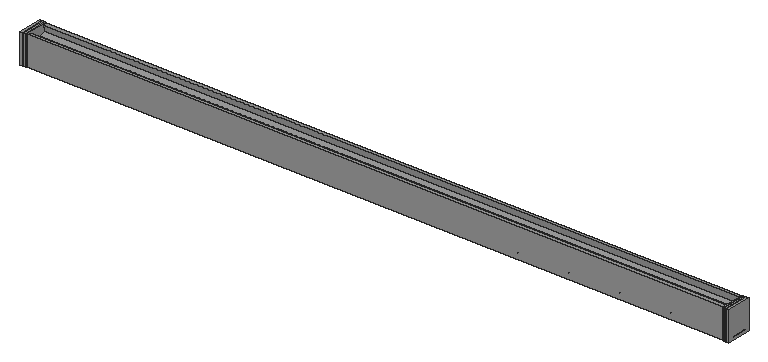
Revit family "Butterfly_Wall Mount", category Lighting Devices, host Wall, Revit 2017
Family settings
  Host = Wall
  Maintain Annotation Orientation = No
  Round Connector Dimension = Use Diameter
  Part Type = Normal
  Always vertical = Yes
  Cut with Voids When Loaded = No
  Shared = No
  Room Calculation Point = No
Parameters (values of type "8'")
  Length = 8' - 0"
Reference planes (in)
  plane 1: y = 0
  plane 2 "Center (Left/Right)": x = 0
  plane 3 "Wall Edge": y = 3
  plane 4 "Bracket Offset": y = 3.25
  plane 5 "LEFT FELT": x = 47.125
  plane 6 "RIGHT FELT": x = -47.125
  plane 7: z = 26.25
  plane 8 "RIGHT": x = -48
  plane 9 "LEFT EDGE": x = 48
Forms (in)
  Sweep 1, solid
    path origin (-73.99197, 3.25, 48) x (-1, 0, 0) y (0, 0, 1)
      loop
        line (-121.11697, -21.75) -> (-26.86697, -21.75)
    profile origin (0, 3.25, 26.25) x (0, 0, 1) y (0, 1, 0)
      loop
        line (4, 0.5045) -> (3.16842, 0.35787) -> (2.87403, 0.9892)
        arc (2.87403, 0.9892) -> (1.84917, 0.52191) -> (0.73423, 0.36184) r 3.96288
        arc (0.73423, 0.36184) -> (0.65814, 0.38767) -> (0.61349, 0.45448) r 0.125
        line (0.61349, 0.45448) -> (0.5745, 0.6) -> (0, 0.4375) -> (0, 0) -> (4, 0) -> (4, 0.5045)
      loop
        line (4, 2.7455) -> (4, 3.25) -> (0, 3.25) -> (0, 2.8125) -> (0.5745, 2.65) -> (0.61349, 2.79552)
        arc (0.61349, 2.79552) -> (0.65814, 2.86233) -> (0.73423, 2.88816) r 0.125
        arc (0.73423, 2.88816) -> (1.84917, 2.72809) -> (2.87403, 2.2608) r 3.96288
        line (2.87403, 2.2608) -> (3.16842, 2.89213) -> (4, 2.7455)
Lines and regions (in)
  symbolic lines
    curve 1: line (-48, 6.5, 0) -> (48, 6.5, 0)
    curve 2: line (-48, 3.25, 0) -> (-48, 6.5, 0)
    curve 3: line (48, 3.25, 0) -> (-48, 3.25, 0)
    curve 4: line (48, 6.5, 0) -> (48, 3.25, 0)
Text (in)
  text "Placement Side" at (0, 40.15149, 123.01588), in view "Right"
  text "Placement Side" at (-86.07246, 57.21472, 0), in view "Ref. Level"
  text "Placement Side" at (0, 81.62555, 140.59947), in view "Left"
Dimensions and locks (in)
  locked: plane 3 "Wall Edge" to host wall
  locked: plane 8 "RIGHT" to plane 6 "RIGHT FELT" at 0.875
  locked: plane 9 "LEFT EDGE" to plane 5 "LEFT FELT" at 0.875
  "Length": plane 9 "LEFT EDGE" to plane 8 "RIGHT"
  equal spacing: plane 9 "LEFT EDGE", plane 2 "Center (Left/Right)", plane 8 "RIGHT"
  locked: plane 4 "Bracket Offset" to host wall at 0.25
  aligned and locked: plane 7 to nested 1
  aligned and locked: plane 6 "RIGHT FELT" to Sweep 1 sketch curve
  aligned and locked: plane 5 "LEFT FELT" to Sweep 1 sketch curve
  aligned and locked: nested 1 to plane 4 "Bracket Offset"
  aligned and locked: plane 4 "Bracket Offset" to nested 2
  aligned and locked: curve 2 to plane 8 "RIGHT"
  aligned and locked: plane 9 "LEFT EDGE" to curve 4
  aligned and locked: plane 4 "Bracket Offset" to curve 3
Automatic sketch dimensions
  Sweep 1 sketch curve to plane 7 = 0' - 0"
  profile plane to Sweep 1 sketch curve = 0' - 0"  (x2)
  Sweep 1 sketch curve to plane 4 "Bracket Offset" = 0' - 0"
  Sweep 1 sketch curve to profile plane = 0' - 0.5745"  (x2)
  Sweep 1 sketch curve to Sweep 1 sketch curve = 0' - 0.03899"  (x2)
  Sweep 1 sketch curve to Sweep 1 sketch curve = 0' - 0.12074"  (x2)
  Sweep 1 sketch curve to Sweep 1 sketch curve = 0' - 2.1398"
  plane 4 "Bracket Offset" to Sweep 1 sketch curve = 0' - 0.9892"
  Sweep 1 sketch curve to Sweep 1 sketch curve = 0' - 0"
  plane 4 "Bracket Offset" to Sweep 1 sketch curve = 0' - 0.35787"
  Sweep 1 sketch curve to Sweep 1 sketch curve = 0' - 0.29439"  (x2)
  Sweep 1 sketch curve to Sweep 1 sketch curve = 0' - 0.83158"  (x2)
  Sweep 1 sketch curve to plane 4 "Bracket Offset" = 0' - 1.07472"
  plane 4 "Bracket Offset" to Sweep 1 sketch curve = 0' - 0 7/16"
  plane 4 "Bracket Offset" to Sweep 1 sketch curve = 0' - 0.45448"
  Sweep 1 sketch curve to Sweep 1 sketch curve = 0' - 0.03235"  (x2)
  plane 4 "Bracket Offset" to Sweep 1 sketch curve = 0' - 0.5045"
  Sweep 1 sketch curve to Sweep 1 sketch curve = 0' - 0.14552"
  Sweep 1 sketch curve to Sweep 1 sketch curve = 0' - 1.27161"
  Sweep 1 sketch curve to Sweep 1 sketch curve = 0' - 0.23816"
  Sweep 1 sketch curve to Sweep 1 sketch curve = 0' - 0.48469"
  Sweep 1 sketch curve to Sweep 1 sketch curve = 0' - 0 1/8"
  Sweep 1 sketch curve to Sweep 1 sketch curve = 0' - 0.1625"
  Sweep 1 sketch curve to Sweep 1 sketch curve = 0' - 0.63132"
  Sweep 1 sketch curve to Sweep 1 sketch curve = 0' - 0.5045"
  Sweep 1 sketch curve to Sweep 1 sketch curve = 0' - 1.07472"
  curve 2 to curve 2 = 0' - 3 1/4"
Nested families (in)
  nested 1: "Butterfly Endcap with Felt" at (-48, 4.875, 28.25) x (0, -1, 0) z (1, 0, 0), type "Butterfly Endcap with Felt"
  nested 2: "Butterfly Endcap with Felt" at (48, 4.875, 28.25) x (0, -1, 0) z (-1, 0, 0), type "Butterfly Endcap with Felt"
Definition of nested family "Butterfly Endcap with Felt"
  Parameters (values of type "Butterfly Endcap with Felt")
    Default Elevation = 4' - 0"
  Reference planes (in)
    plane 1 "Center (Front/Back)": y = 0
    plane 2: z = 0
    plane 3 "Center (Left/Right)": x = 0
  Forms (in)
    Extrusion 1, solid
      sketch origin (0, 0, 0) x (1, 0, 0) y (0, 1, 0)
        loop
          line (-1.625, 2) -> (-1.625, -2) -> (1.625, -2) -> (1.625, 2) -> (-1.625, 2)
      from 0 to 0.75
    Sweep 2, void
      path origin (0, 0, 0) x (1, 0, 0) y (0, 1, 0)
        loop
          line (-1.625, 2) -> (-1.625, -2) -> (1.625, -2) -> (1.625, 2) -> (-1.625, 2)
      profile origin (0, 2, 0) x (0, 1, 0) y (0, 0, 1)
        loop
          line (0, 0.4375) -> (-0.0625, 0.375) -> (0, 0.3125) -> (0, 0.4375)
    Extrusion 3, solid
      sketch origin (0, 0, 0) x (1, 0, 0) y (0, 1, 0)
        loop
          line (-1.625, 2) -> (-1.625, -2) -> (1.625, -2) -> (1.625, 2) -> (-1.625, 2)
      from 0.75 to 0.875
  Cuts and joins
    Sweep 2 cuts Extrusion 1
  Dimensions and locks (in)
    aligned and locked: plane 2 to level
